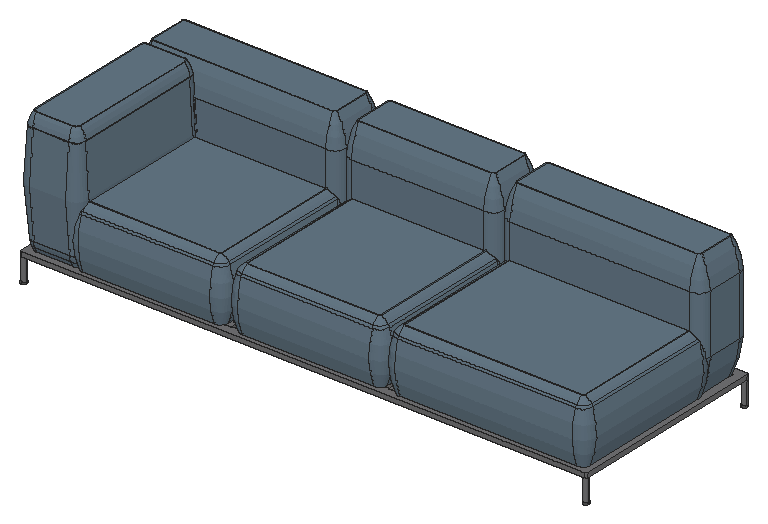
Revit family "Haworth_Mex-Hi_Sofa_OneArm", category Furniture, Revit 2018
Family settings
  OmniClass Number = 23.40.70.14.64.21
  OmniClass Title = Systems Furniture
  Work Plane-Based = No
  Always vertical = Yes
  Cut with Voids When Loaded = No
  Shared = No
  Room Calculation Point = No
Parameters (values of type "Three Seat Sofa")
  Warranty = "http://www.haworth.com/resources/product-info/warranties"
  URL - Product = "https://www.haworth.com/na/en/products/lounge-sofas/ottomans/mex-hi-seating.html"
  URL = "https://www.haworth.com/na/en/about/brands/haworth-collection.html"
  Two Seats = no
  Trim Finish = Haworth _ Polymer _ Black
  Three Seats = not(Two Seats)  # yes
  Sustainability Info = "https://www.haworth.com/na/en/expertise/sustainability.html"
  Size = "Verify Final Dim. w/ Haworth"  # constant formula
  Seat Upholstery Finish [instance] = Haworth _ Leather _ Scozia _ Oceano ES-342
  Revision Number = "1"  # constant formula
  Model = "HCCSMHL"  # constant formula
  Manufacturer = "Haworth"  # constant formula
  Description = "Haworth - Cassina - Mex-Hi - Sofa - With One Arm - Three Seat"
  Base Finish [instance] = Haworth _ Paint _ Matte Anthracite 69-ANT
  Back Upholstery Finish [instance] = Haworth _ Leather _ Scozia _ Oceano ES-342
  Author = "Haworth (Abd Rahman)"  # constant formula
  Assembly Code = "E2020200"
  Arm Finish [instance] = Haworth _ Leather _ Scozia _ Oceano ES-342
  Actual Width = if(Two Seats, 70.90", 98.40")  # 98.40"
  Actual Height = 28.30"  # constant formula
  Actual Depth = 35.50"  # constant formula
Reference planes (in)
  plane 1: z = 0
  plane 2 "Center L/R": x = -6.11989
  plane 3 "Center F/B": y = -11.5
  plane 4 "Top": z = 28.3
  plane 5 "Back": y = 6.25
  plane 6 "Front": y = -29.25
  plane 7 "Right": x = 43.08011
  plane 8 "Left": x = -55.31989
  plane 9: x = -19.79989
  plane 10: x = 7.56011
  plane 11: z = 4.88189
Dimensions and locks (in)
  equal spacing: plane 8 "Left", plane 2 "Center L/R", plane 7 "Right"
  "Actual Width": plane 8 "Left" to plane 7 "Right"
  equal spacing: plane 5 "Back", plane 3 "Center F/B", plane 6 "Front"
  "Actual Depth": plane 5 "Back" to plane 6 "Front"
  "Actual Height": plane 4 "Top" to plane 1
  locked: plane 10 to plane 7 "Right" at 35.52
  locked: plane 8 "Left" to plane 9 at 35.52
  aligned and locked: nested 1 to plane 5 "Back"
  aligned and locked: plane 2 "Center L/R" to nested 3
  aligned and locked: plane 3 "Center F/B" to nested 3
  aligned and locked: plane 7 "Right" to nested 1
  aligned and locked: plane 8 "Left" to nested 2
  aligned and locked: nested 7 to plane 2 "Center L/R"
  aligned and locked: nested 7 to plane 5 "Back"
  aligned and locked: plane 8 "Left" to nested 8
  aligned and locked: plane 6 "Front" to nested 8
  aligned and locked: plane 9 to nested 4
  aligned and locked: plane 7 "Right" to nested 6
  aligned and locked: nested 3 to plane 11
  aligned and locked: nested 2 to plane 11
  aligned and locked: plane 11 to nested 7
  aligned and locked: plane 11 to nested 1
  aligned and locked: plane 11 to nested 4
  aligned and locked: plane 11 to nested 8
  aligned and locked: plane 11 to nested 5
  aligned and locked: plane 11 to nested 6
Nested families (in)
  nested 1: "Haworth_Mex-Hi_Sofa_Back-Wide-PART" at (31.83887, 9.90612, -0.04956), Back Upholstery Finish <- "Back Upholstery Finish", type "Back Wide - PART - Small"
    with Back Upholstery Finish Haworth _ Leather _ Scozia _ Oceano ES-342, Extra Small no
  nested 2: "Haworth_Mex-Hi_Sofa_Back-Wide-PART" at (-44.07865, 9.90612, -0.04956) x (-1, 0, 0) z (0, 0, 1), Back Upholstery Finish <- "Back Upholstery Finish", type "Back Wide - PART - Small"
    with Back Upholstery Finish Haworth _ Leather _ Scozia _ Oceano ES-342, Extra Small no
  nested 3: "Haworth_Mex-Hi_Sofa_Base-PART" at (0, 0, 0), Base Finish <- "Base Finish", type "Base - PART"
    with Base Finish Haworth _ Paint _ Matte Anthracite 69-ANT
  nested 4: "Haworth_Mex-Hi_Sofa_Seat-Wide-PART" at (-27.36128, -3.81836, 0), Seat Upholstery Finish <- "Seat Upholstery Finish", type "Seat Wide - PART - L/R"
    with Seat Upholstery Finish Haworth _ Leather _ Scozia _ Oceano ES-342, Peninsula Seat no, Middle Small Seat no, Middle Large Seat no, L/R Seat yes
  nested 5: "Haworth_Mex-Hi_Sofa_Seat-Wide-PART" at (0.1805, -3.81836, 0), visible <- "Three Seats", Seat Upholstery Finish <- "Seat Upholstery Finish", type "Seat Wide - PART - L/R"
    with Seat Upholstery Finish Haworth _ Leather _ Scozia _ Oceano ES-342, Peninsula Seat no, Middle Small Seat no, Middle Large Seat no, L/R Seat yes
  nested 6: "Haworth_Mex-Hi_Sofa_Seat-Wide-PART" at (31.35039, -3.81836, 0), Seat Upholstery Finish <- "Seat Upholstery Finish", type "Seat Wide - PART - Small"
    with Seat Upholstery Finish Haworth _ Leather _ Scozia _ Oceano ES-342, Peninsula Seat no, Middle Large Seat no
  nested 7: "Haworth_Mex-Hi_Sofa_Back-Wide-PART" at (0.35387, 9.90612, -0.04956), visible <- "Three Seats", Back Upholstery Finish <- "Back Upholstery Finish", type "Back Wide - PART - Extra Small"
    with Back Upholstery Finish Haworth _ Leather _ Scozia _ Oceano ES-342, Small no
  nested 8: "Haworth_Mex-Hi_Sofa_Arm-Wide-PART" at (-43.15296, -6.3526, -0.04956), Arm Finish <- "Arm Finish", type "Arm Wide - PART"
    with Arm Finish Haworth _ Leather _ Scozia _ Oceano ES-342
Definition of nested family "Haworth_Mex-Hi_Sofa_Back-Wide-PART"
  Parameters (values of type "Back Wide - PART - Small")
    Warranty = "http://www.haworth.com/resources/product-info/warranties"
    URL - Product = "https://www.haworth.com/na/en/products/lounge-sofas/ottomans/mex-hi-seating.html"
    URL = "https://www.haworth.com/na/en/about/brands/haworth-collection.html"
    Sustainability Info = "https://www.haworth.com/na/en/expertise/sustainability.html"
    Small = yes
    Size = "Verify Final Dim. w/ Haworth"  # constant formula
    Seat Height = 17.00"  # constant formula
    Revision Number = "1"  # constant formula
    Model = "Haworth - Cassina - Mex-Hi"  # constant formula
    Manufacturer = "Haworth"  # constant formula
    Large = no
    Extra Small = yes
    Description = "Haworth - Cassina - Mex-Hi - Back - Wide - PART"  # constant formula
    Back Upholstery Finish [instance] = none
    Author = "Haworth (Abd Rahman)"  # constant formula
    Assembly Code = "E2020200"
    Actual Width = 35.43"  # constant formula
    Actual Height = 27.39844"  # constant formula
    Actual Depth = 10.60"  # constant formula
  Types (2): name | Small | Large
    Back Wide - PART - Small | yes | no
    Back Wide - PART - Large | no | yes
  Reference planes (in)
    plane 1: z = 0
    plane 2 "Top": z = 27.39844
    plane 3: z = 17
    plane 4 "Right": x = 11.24124
    plane 5 "Left": x = -24.18876
    plane 6 "Center (Left/Right)": x = -6.47376
    plane 7 "Back": y = -3.65612
    plane 8 "Front": y = -14.25612
    plane 9 "Center (Front/Back)": y = -8.95612
    plane 10: x = -20.15376
    plane 11: x = 7.20624
  Forms (in)
    Extrusion 1, solid, material <- "Back Upholstery Finish", visible <- "Small"
      sketch origin (0, 0.1875, 0) x (1, 0, 0) y (0, 1, 0)
        loop
          line (-22.40055, -6.01823) -> (-22.40055, -12.26715)
          arc (-22.40055, -12.26715) -> (-22.28726, -12.54067) -> (-22.01374, -12.65397) r 0.38681
          line (-22.01374, -12.65397) -> (9.07786, -12.65397)
          arc (9.07786, -12.65397) -> (9.35138, -12.54067) -> (9.46468, -12.26715) r 0.38681
          line (9.46468, -12.26715) -> (9.46468, -6.01823)
          arc (9.46468, -6.01823) -> (9.35138, -5.74471) -> (9.07786, -5.63141) r 0.38681
          line (9.07786, -5.63141) -> (-22.01374, -5.63141)
          arc (-22.01374, -5.63141) -> (-22.28726, -5.74471) -> (-22.40055, -6.01823) r 0.38681
      from 4.93145 to 26.69365
    Sweep 2, solid, material <- "Back Upholstery Finish", visible <- "Small"
      path origin (0, 0.1875, 0) x (1, 0, 0) y (0, 1, 0)
        loop
          arc (-22.01374, -5.51823) -> (-22.36729, -5.66467) -> (-22.51374, -6.01823) r 0.5
          line (-22.51374, -6.01823) -> (-22.51374, -12.26715)
          arc (-22.51374, -12.26715) -> (-22.36729, -12.62071) -> (-22.01374, -12.76715) r 0.5
          line (-22.01374, -12.76715) -> (9.07786, -12.76715)
          arc (9.07786, -12.76715) -> (9.43142, -12.62071) -> (9.57786, -12.26715) r 0.5
          line (9.57786, -12.26715) -> (9.57786, -6.01823)
          arc (9.57786, -6.01823) -> (9.43142, -5.66467) -> (9.07786, -5.51823) r 0.5
          line (9.07786, -5.51823) -> (-22.01374, -5.51823)
      profile origin (-6.46794, -5.33073, 0) x (0, 1, 0) y (0, 0, 1)
        loop
          arc (1.49021, 21.44568) -> (0.98441, 24.16007) -> (-0.11319, 26.69365) r 12.32019
          line (-0.11319, 26.69365) -> (-0.11319, 4.93145)
          arc (-0.11319, 4.93145) -> (0.96903, 7.99176) -> (1.49021, 11.19568) r 18.19442
          arc (1.49021, 11.19568) -> (1.67463, 16.32068) -> (1.49021, 21.44568) r 71.30597
    Sweep 3, solid, material <- "Back Upholstery Finish", visible <- "Large"
      path origin (0, 0.1875, 0) x (1, 0, 0) y (0, 1, 0)
        loop
          arc (-29.78736, -5.63141) -> (-30.14092, -5.77786) -> (-30.28736, -6.13141) r 0.5
          line (-30.28736, -6.13141) -> (-30.28736, -12.15397)
          arc (-30.28736, -12.15397) -> (-30.14092, -12.50752) -> (-29.78736, -12.65397) r 0.5
          line (-29.78736, -12.65397) -> (8.96468, -12.65397)
          arc (8.96468, -12.65397) -> (9.31823, -12.50752) -> (9.46468, -12.15397) r 0.5
          line (9.46468, -12.15397) -> (9.46468, -6.13141)
          arc (9.46468, -6.13141) -> (9.31823, -5.77786) -> (8.96468, -5.63141) r 0.5
          line (8.96468, -5.63141) -> (-29.78736, -5.63141)
      profile origin (-10.41134, -5.44391, 0) x (0, 1, 0) y (0, 0, 1)
        loop
          arc (1.49021, 21.44568) -> (0.98441, 24.16007) -> (-0.11319, 26.69365) r 12.32019
          line (-0.11319, 26.69365) -> (-0.11319, 4.93145)
          arc (-0.11319, 4.93145) -> (0.96903, 7.99176) -> (1.49021, 11.19568) r 18.19442
          arc (1.49021, 11.19568) -> (1.67463, 16.32068) -> (1.49021, 21.44568) r 71.30597
    Extrusion 4, solid, material <- "Back Upholstery Finish", visible <- "Large"
      sketch origin (0, 0.1875, 0) x (1, 0, 0) y (0, 1, 0)
        loop
          line (-30.17418, -6.13141) -> (-30.17418, -12.15397)
          arc (-30.17418, -12.15397) -> (-30.06088, -12.42749) -> (-29.78736, -12.54078) r 0.38681
          line (-29.78736, -12.54078) -> (8.96468, -12.54078)
          arc (8.96468, -12.54078) -> (9.2382, -12.42749) -> (9.35149, -12.15397) r 0.38681
          line (9.35149, -12.15397) -> (9.35149, -6.13141)
          arc (9.35149, -6.13141) -> (9.2382, -5.85789) -> (8.96468, -5.7446) r 0.38681
          line (8.96468, -5.7446) -> (-29.78736, -5.7446)
          arc (-29.78736, -5.7446) -> (-30.06088, -5.85789) -> (-30.17418, -6.13141) r 0.38681
      from 4.93145 to 26.69365
    Sweep 5, solid, material <- "Back Upholstery Finish", visible <- "Extra Small"
      path origin (0, 0.1875, 0) x (1, 0, 0) y (0, 1, 0)
        loop
          arc (-17.90376, -5.51823) -> (-18.25731, -5.66467) -> (-18.40376, -6.01823) r 0.5
          line (-18.40376, -6.01823) -> (-18.40376, -12.26715)
          arc (-18.40376, -12.26715) -> (-18.25731, -12.62071) -> (-17.90376, -12.76715) r 0.5
          line (-17.90376, -12.76715) -> (4.95624, -12.76715)
          arc (4.95624, -12.76715) -> (5.30979, -12.62071) -> (5.45624, -12.26715) r 0.5
          line (5.45624, -12.26715) -> (5.45624, -6.01823)
          arc (5.45624, -6.01823) -> (5.30979, -5.66467) -> (4.95624, -5.51823) r 0.5
          line (4.95624, -5.51823) -> (-17.90376, -5.51823)
      profile origin (-6.47376, -5.33073, 0) x (0, 1, 0) y (0, 0, 1)
        loop
          arc (1.49021, 21.44568) -> (0.98441, 24.16007) -> (-0.11319, 26.69365) r 12.32019
          line (-0.11319, 26.69365) -> (-0.11319, 4.93145)
          arc (-0.11319, 4.93145) -> (0.96903, 7.99176) -> (1.49021, 11.19568) r 18.19442
          arc (1.49021, 11.19568) -> (1.67463, 16.32068) -> (1.49021, 21.44568) r 71.30597
    Extrusion 6, solid, material <- "Back Upholstery Finish", visible <- "Extra Small"
      sketch origin (0, 0.1875, 0) x (1, 0, 0) y (0, 1, 0)
        loop
          line (-18.29057, -6.01823) -> (-18.29057, -12.26715)
          arc (-18.29057, -12.26715) -> (-18.17728, -12.54067) -> (-17.90376, -12.65397) r 0.38681
          line (-17.90376, -12.65397) -> (4.95624, -12.65397)
          arc (4.95624, -12.65397) -> (5.22976, -12.54067) -> (5.34306, -12.26715) r 0.38681
          line (5.34306, -12.26715) -> (5.34306, -6.01823)
          arc (5.34306, -6.01823) -> (5.22976, -5.74471) -> (4.95624, -5.63141) r 0.38681
          line (4.95624, -5.63141) -> (-17.90376, -5.63141)
          arc (-17.90376, -5.63141) -> (-18.17728, -5.74471) -> (-18.29057, -6.01823) r 0.38681
      from 4.93145 to 26.69365
  Lines and regions (in)
    Masking region 1, visible <- "Large"
      outline origin (0, 0, 0) x (1, 0, 0) y (0, 1, 0)
        loop
          line (-31.95339, -5.80612) -> (-31.95339, -12.10612)
          arc (-31.95339, -12.10612) -> (-31.32367, -13.6264) -> (-29.80339, -14.25612) r 2.15
          line (-29.80339, -14.25612) -> (9.0884, -14.25612)
          arc (9.0884, -14.25612) -> (10.61069, -13.62556) -> (11.24124, -12.10328) r 2.15284
          line (11.24124, -12.10328) -> (11.24124, -5.80612)
          arc (11.24124, -5.80612) -> (10.61152, -4.28584) -> (9.09124, -3.65612) r 2.15
          line (9.09124, -3.65612) -> (-29.80339, -3.65612)
          arc (-29.80339, -3.65612) -> (-31.32367, -4.28584) -> (-31.95339, -5.80612) r 2.15
    Masking region 2, visible <- "Small"
      outline origin (0, 0, 0) x (1, 0, 0) y (0, 1, 0)
        loop
          line (-24.18876, -5.80612) -> (-24.18876, -12.10612)
          arc (-24.18876, -12.10612) -> (-23.55904, -13.6264) -> (-22.03876, -14.25612) r 2.15
          line (-22.03876, -14.25612) -> (9.0884, -14.25612)
          arc (9.0884, -14.25612) -> (10.61069, -13.62556) -> (11.24124, -12.10328) r 2.15284
          line (11.24124, -12.10328) -> (11.24124, -5.80612)
          arc (11.24124, -5.80612) -> (10.61152, -4.28584) -> (9.09124, -3.65612) r 2.15
          line (9.09124, -3.65612) -> (-22.03876, -3.65612)
          arc (-22.03876, -3.65612) -> (-23.55904, -4.28584) -> (-24.18876, -5.80612) r 2.15
    Masking region 3, visible <- "Extra Small"
      outline origin (0, 0, 0) x (1, 0, 0) y (0, 1, 0)
        loop
          line (-20.15376, -5.80612) -> (-20.15376, -12.10612)
          arc (-20.15376, -12.10612) -> (-19.52404, -13.6264) -> (-18.00376, -14.25612) r 2.15
          line (-18.00376, -14.25612) -> (5.0534, -14.25612)
          arc (5.0534, -14.25612) -> (6.57569, -13.62556) -> (7.20624, -12.10328) r 2.15284
          line (7.20624, -12.10328) -> (7.20624, -5.80612)
          arc (7.20624, -5.80612) -> (6.57652, -4.28584) -> (5.05624, -3.65612) r 2.15
          line (5.05624, -3.65612) -> (-18.00376, -3.65612)
          arc (-18.00376, -3.65612) -> (-19.52404, -4.28584) -> (-20.15376, -5.80612) r 2.15
  Dimensions and locks (in)
    "Actual Height": plane 2 "Top" to plane 1
    "Seat Height": plane 3 to level
    equal spacing: plane 5 "Left", plane 6 "Center (Left/Right)", plane 4 "Right"
    "Actual Width": plane 5 "Left" to plane 4 "Right"
    equal spacing: plane 8 "Front", plane 9 "Center (Front/Back)", plane 7 "Back"
    "Actual Depth": plane 8 "Front" to plane 7 "Back"
    Masking region 3 sketch curve to plane 6 "Center (Left/Right)" to Masking region 3 sketch curve = 13.68", 13.68"
  Automatic sketch dimensions
    Extrusion 1 sketch curve to plane 5 "Left" = 1.78821"
    Extrusion 1 sketch curve to Extrusion 1 sketch curve = 0.38681"  (x3)
    Extrusion 1 sketch curve to plane 4 "Right" = 2.16338"  (x2)
    plane 8 "Front" to Extrusion 1 sketch curve = 1.78965"
    plane 7 "Back" to Extrusion 1 sketch curve = 2.17461"
    Sweep 2 sketch curve to plane 5 "Left" = 1.67502"
    Sweep 2 sketch curve to Sweep 2 sketch curve = 0.50"  (x3)
    Sweep 2 sketch curve to plane 4 "Right" = 2.16338"  (x2)
    plane 8 "Front" to Sweep 2 sketch curve = 1.67646"
    plane 7 "Back" to Sweep 2 sketch curve = 2.17461"
    level to Sweep 2 sketch curve = 16.32068"
    profile plane to Sweep 2 sketch curve = 69.63135"
    profile plane to Sweep 2 sketch curve = 16.65715"
    Sweep 2 sketch curve to Sweep 2 sketch curve = 5.85904"
    profile plane to Sweep 2 sketch curve = 0.11319"
    level to Sweep 2 sketch curve = 12.50337"
    level to Sweep 2 sketch curve = 4.93145"
    Sweep 2 sketch curve to Sweep 2 sketch curve = 8.05681"
    Sweep 2 sketch curve to Sweep 2 sketch curve = 6.13346"
    Sweep 2 sketch curve to Sweep 2 sketch curve = 0.00"
    Masking region 1 sketch curve to plane 8 "Front" = 0.00"
    plane 7 "Back" to Masking region 1 sketch curve = 0.00"
    Masking region 1 sketch curve to plane 4 "Right" = 0.00"
    Masking region 1 sketch curve to plane 4 "Right" = 2.15"
    Masking region 1 sketch curve to Masking region 1 sketch curve = 2.15284"
    plane 7 "Back" to Masking region 1 sketch curve = 2.15"
    plane 5 "Left" to Masking region 1 sketch curve = 5.61464"
    Masking region 1 sketch curve to Masking region 1 sketch curve = 2.15"
    plane 8 "Front" to Sweep 3 sketch curve = 2.28965"
    plane 5 "Left" to Sweep 3 sketch curve = 6.09861"
    Sweep 3 sketch curve to Sweep 3 sketch curve = 0.50"  (x3)
    Sweep 3 sketch curve to plane 4 "Right" = 2.27656"  (x2)
    plane 7 "Back" to Sweep 3 sketch curve = 2.2878"
    level to Sweep 3 sketch curve = 16.32068"
    profile plane to Sweep 3 sketch curve = 69.63135"
    profile plane to Sweep 3 sketch curve = 16.65715"
    Sweep 3 sketch curve to Sweep 3 sketch curve = 5.85904"
    profile plane to Sweep 3 sketch curve = 0.11319"
    level to Sweep 3 sketch curve = 12.50337"
    level to Sweep 3 sketch curve = 4.93145"
    Sweep 3 sketch curve to Sweep 3 sketch curve = 8.05681"
    Sweep 3 sketch curve to Sweep 3 sketch curve = 6.13346"
    Sweep 3 sketch curve to Sweep 3 sketch curve = 0.00"
    plane 7 "Back" to Extrusion 4 sketch curve = 2.2878"
    plane 5 "Left" to Extrusion 4 sketch curve = 5.98542"
    Extrusion 4 sketch curve to Extrusion 4 sketch curve = 0.38681"  (x3)
    Extrusion 4 sketch curve to plane 4 "Right" = 2.27656"  (x2)
    plane 8 "Front" to Extrusion 4 sketch curve = 2.28965"
    Masking region 2 sketch curve to plane 5 "Left" = 0.00"
    Masking region 2 sketch curve to plane 8 "Front" = 0.00"
    plane 7 "Back" to Masking region 2 sketch curve = 0.00"
    Masking region 2 sketch curve to plane 4 "Right" = 0.00"
    Masking region 2 sketch curve to plane 5 "Left" = 2.15"  (x2)
    Masking region 2 sketch curve to plane 4 "Right" = 2.15284"
    Masking region 2 sketch curve to Masking region 2 sketch curve = 2.15"
    Masking region 3 sketch curve to plane 8 "Front" = 0.00"
    plane 7 "Back" to Masking region 3 sketch curve = 0.00"
    plane 8 "Front" to Masking region 3 sketch curve = 2.15"
    Masking region 3 sketch curve to Masking region 3 sketch curve = 2.15"
    Masking region 3 sketch curve to Masking region 3 sketch curve = 2.15284"
    plane 7 "Back" to Masking region 3 sketch curve = 2.15"
    plane 8 "Front" to Sweep 5 sketch curve = 2.17646"  (x2)
    Sweep 5 sketch curve to plane 5 "Left" = 5.785"
    Sweep 5 sketch curve to Sweep 5 sketch curve = 0.50"  (x3)
    Sweep 5 sketch curve to plane 4 "Right" = 6.285"
    plane 7 "Back" to Sweep 5 sketch curve = 2.17461"
    level to Sweep 5 sketch curve = 16.32068"
    profile plane to Sweep 5 sketch curve = 69.63135"
    profile plane to Sweep 5 sketch curve = 16.65715"
    Sweep 5 sketch curve to Sweep 5 sketch curve = 5.85904"
    profile plane to Sweep 5 sketch curve = 0.11319"
    level to Sweep 5 sketch curve = 12.50337"
    level to Sweep 5 sketch curve = 4.93145"
    Sweep 5 sketch curve to Sweep 5 sketch curve = 8.05681"
    Sweep 5 sketch curve to Sweep 5 sketch curve = 6.13346"
    Sweep 5 sketch curve to Sweep 5 sketch curve = 0.00"
    Extrusion 6 sketch curve to plane 5 "Left" = 5.89819"
    Extrusion 6 sketch curve to Extrusion 6 sketch curve = 0.38681"  (x3)
    Extrusion 6 sketch curve to plane 4 "Right" = 6.285"  (x2)
    plane 8 "Front" to Extrusion 6 sketch curve = 1.78965"
    plane 7 "Back" to Extrusion 6 sketch curve = 2.17461"
Definition of nested family "Haworth_Mex-Hi_Sofa_Base-PART"
  Parameters (values of type "Base - PART")
    Warranty = "http://www.haworth.com/resources/product-info/warranties"
    URL - Product = "https://www.haworth.com/na/en/products/lounge-sofas/ottomans/mex-hi-seating.html"
    URL = "https://www.haworth.com/na/en/about/brands/haworth-collection.html"
    Two Seats = no
    Trim Finish = none
    Three Seats = yes
    Sustainability Info = "https://www.haworth.com/na/en/expertise/sustainability.html"
    Size = "Verify Final Dim. w/ Haworth"  # constant formula
    Revision Number = "1"  # constant formula
    Model = "Haworth - Cassina - Mex-Hi"  # constant formula
    Manufacturer = "Haworth"  # constant formula
    Description = "Haworth - Cassina - Mex-Hi - Sofa - Base - PART"  # constant formula
    Base Finish [instance] = none
    Author = "Haworth (Abd Rahman)"  # constant formula
    Assembly Code = "E2020200"
    Actual Width = 98.40"
    Actual Height = 28.30"  # constant formula
    Actual Depth = 35.50"
  Reference planes (in)
    plane 1: z = 0
    plane 2 "Center L/R": x = -6.11989
    plane 3 "Center F/B": y = -11.5
    plane 4 "Top": z = 28.3
    plane 5 "Back": y = 6.25
    plane 6 "Front": y = -29.25
    plane 7 "Right": x = 43.08011
    plane 8 "Left": x = -55.31989
    plane 9: x = 8.61121
    plane 10: x = 7.43011
    plane 11: x = -19.66989
    plane 12: x = -20.851
    plane 13: y = 4.4803
    plane 14: y = 3.20078
    plane 15: y = 2.01967
    plane 16: y = -4.67324
    plane 17: y = -5.85434
    plane 18: y = -24.9511
    plane 19: y = -26.1322
    plane 20: y = -27.40946
    plane 21: y = 6.04866
    plane 22: y = -28.9838
    plane 23: x = -53.5182
    plane 24: x = 41.33743
    plane 25: x = 42.90823
    plane 26: x = -55.09253
    plane 27: x = 8.0169
    plane 28: x = -20.26044
    plane 29: y = -17.07481
    plane 30: y = -5.26247
    plane 31: x = -6.6827
    plane 32: x = -5.5016
  Forms (in)
    Extrusion 1, solid, material <- "Base Finish"
      sketch origin (-0.25, 0.4375, 0) x (1, 0, 0) y (0, 1, 0)
        loop
          line (42.78209, 5.61116) -> (-54.46639, 5.61116)
          arc (-54.46639, 5.61116) -> (-54.73236, 5.50099) -> (-54.84253, 5.23502) r 0.37614
          line (-54.84253, 5.23502) -> (-54.84253, -29.03536)
          arc (-54.84253, -29.03536) -> (-54.72949, -29.30826) -> (-54.4566, -29.4213) r 0.38594
          line (-54.4566, -29.4213) -> (42.87505, -29.4213)
          arc (42.87505, -29.4213) -> (43.07529, -29.33835) -> (43.15823, -29.13811) r 0.28319
          line (43.15823, -29.13811) -> (43.15823, 5.23502)
          arc (43.15823, 5.23502) -> (43.04806, 5.50099) -> (42.78209, 5.61116) r 0.37614
        loop
          line (41.58743, -5.11074) -> (41.58743, 1.58217) -> (-53.2682, 1.58217) -> (-53.2682, -5.11074) -> (41.58743, -5.11074)
        loop
          line (-53.2682, 2.76328) -> (41.58743, 2.76328) -> (41.58743, 4.0428) -> (-53.2682, 4.0428) -> (-53.2682, 2.76328)
        loop
          line (41.58743, -6.29184) -> (-53.2682, -6.29184) -> (-53.2682, -25.3886) -> (41.58743, -25.3886) -> (41.58743, -6.29184)
        loop
          line (41.58743, -26.5697) -> (-53.2682, -26.5697) -> (-53.2682, -27.84696) -> (41.58743, -27.84696) -> (41.58743, -26.5697)
      from 4.08098 to 4.88189
    Extrusion 2, solid, material <- "Base Finish"
      sketch origin (-0.25, 0.4375, 0) x (1, 0, 0) y (0, 1, 0)
        loop
          circle (-54.44883, 5.22344) r 0.41206
        loop
          circle (42.77054, -29.02659) r 0.41206
        loop
          circle (42.77363, 5.22313) r 0.41206
        loop
          circle (-54.44602, -29.0239) r 0.41206
      from 0 to 4.08098
    Extrusion 3, solid, material <- "Trim Finish"
      sketch origin (-0.25, 0.4375, 0) x (1, 0, 0) y (0, 1, 0)
        loop
          circle (-54.44883, 5.22344) r 0.49213
        loop
          circle (-54.44883, -29.02999) r 0.49213
        loop
          circle (42.77154, 5.22344) r 0.49213
        loop
          circle (42.76782, -29.02818) r 0.49213
      from 0 to 0.23622
    Extrusion 4, solid, material <- "Base Finish", visible <- "Two Seats"
      sketch origin (0, 0, 0) x (1, 0, 0) y (0, 1, 0)
        loop
          line (-5.5016, -27.40946) -> (-5.5016, 6.04866) -> (-6.6827, 6.04866) -> (-6.6827, -27.40946) -> (-5.5016, -27.40946)
      from 4.08098 to 4.88189
    Extrusion 5, solid, material <- "Base Finish", visible <- "Three Seats"
      sketch origin (-17.68716, 0, 0) x (1, 0, 0) y (0, 1, 0)
        loop
          line (-1.98273, -27.40946) -> (-1.98273, 6.04866) -> (-3.16383, 6.04866) -> (-3.16383, -27.40946) -> (-1.98273, -27.40946)
      from 4.08098 to 4.88189
    Extrusion 6, solid, material <- "Base Finish", visible <- "Three Seats"
      sketch origin (17.7459, 0, 0) x (1, 0, 0) y (0, 1, 0)
        loop
          line (-9.1347, -27.40946) -> (-9.1347, 6.04866) -> (-10.3158, 6.04866) -> (-10.3158, -27.40946) -> (-9.1347, -27.40946)
      from 4.08098 to 4.88189
    Extrusion 7, solid, material <- "Trim Finish", visible <- "Two Seats"
      sketch origin (0, 0, 0) x (1, 0, 0) y (0, 1, 0)
        loop
          circle (-6.11989, -17.07481) r 0.49213
        loop
          circle (-6.11989, -5.26247) r 0.49213
      from 0 to 0.23622
    Extrusion 8, solid, material <- "Trim Finish", visible <- "Two Seats"
      sketch origin (0, 0, 0) x (1, 0, 0) y (0, 1, 0)
        loop
          circle (-6.11989, -17.07481) r 0.41206
        loop
          circle (-6.11989, -5.26247) r 0.41206
      from 0 to 4.08098
    Extrusion 9, solid, material <- "Trim Finish", visible <- "Three Seats"
      sketch origin (0, 0, 0) x (1, 0, 0) y (0, 1, 0)
        loop
          circle (-20.26044, -17.07481) r 0.41206
        loop
          circle (-20.26044, -5.26247) r 0.41206
        loop
          circle (8.0169, -5.26247) r 0.41206
        loop
          circle (8.0169, -17.07481) r 0.41206
      from 0 to 4.08098
    Extrusion 10, solid, material <- "Trim Finish", visible <- "Three Seats"
      sketch origin (0, 0, 0) x (1, 0, 0) y (0, 1, 0)
        loop
          circle (-20.26044, -17.07481) r 0.49213
        loop
          circle (-20.26044, -5.26247) r 0.49213
        loop
          circle (8.0169, -5.26247) r 0.49213
        loop
          circle (8.0169, -17.07481) r 0.49213
      from 0 to 0.23622
  Lines and regions (in)
    symbolic lines
      curve 1: line (-55.09253, 6.04866, 0) -> (42.90823, 6.04866, 0)
      curve 2: line (-55.09253, -28.9838, 0) -> (-55.09253, 6.04866, 0)
      curve 3: line (42.90823, -28.9838, 0) -> (-55.09253, -28.9838, 0)
      curve 4: line (42.90823, 6.04866, 0) -> (42.90823, -28.9838, 0)
      curve 5: line (-53.5182, -27.40946, 0) -> (-20.851, -27.40946, 0)
      curve 6: line (-53.5182, -26.1322, 0) -> (-53.5182, -27.40946, 0)
      curve 7: line (-20.851, -26.1322, 0) -> (-53.5182, -26.1322, 0)
      curve 8: line (-20.851, -27.40946, 0) -> (-20.851, -26.1322, 0)
      curve 9: line (7.43011, -27.40946, 0) -> (-19.66989, -27.40946, 0)
      curve 10: line (7.43011, -26.1322, 0) -> (7.43011, -27.40946, 0)
      curve 11: line (-19.66989, -26.1322, 0) -> (7.43011, -26.1322, 0)
      curve 12: line (-19.66989, -27.40946, 0) -> (-19.66989, -26.1322, 0)
      curve 13: line (8.61121, -26.1322, 0) -> (41.33743, -26.1322, 0)
      curve 14: line (8.61121, -27.40946, 0) -> (8.61121, -26.1322, 0)
      curve 15: line (41.33743, -27.40946, 0) -> (8.61121, -27.40946, 0)
      curve 16: line (41.33743, -26.1322, 0) -> (41.33743, -27.40946, 0)
      curve 17: line (41.33743, -24.9511, 0) -> (8.61121, -24.9511, 0)
      curve 18: line (41.33743, -5.85434, 0) -> (41.33743, -24.9511, 0)
      curve 19: line (8.61121, -5.85434, 0) -> (41.33743, -5.85434, 0)
      curve 20: line (8.61121, -24.9511, 0) -> (8.61121, -5.85434, 0)
      curve 21: line (41.33743, -4.67324, 0) -> (8.61121, -4.67324, 0)
      curve 22: line (41.33743, 2.01967, 0) -> (41.33743, -4.67324, 0)
      curve 23: line (8.61121, 2.01967, 0) -> (41.33743, 2.01967, 0)
      curve 25: line (7.43011, 2.01967, 0) -> (-19.66989, 2.01967, 0)
      curve 27: line (-19.66989, -4.67324, 0) -> (7.43011, -4.67324, 0)
      curve 28: line (-19.66989, 2.01967, 0) -> (-19.66989, -4.67324, 0)
      curve 29: line (-19.66989, -5.85434, 0) -> (7.43011, -5.85434, 0)
      curve 30: line (-19.66989, -24.9511, 0) -> (-19.66989, -5.85434, 0)
      curve 31: line (7.43011, -24.9511, 0) -> (-19.66989, -24.9511, 0)
      curve 32: line (7.43011, -5.85434, 0) -> (7.43011, -24.9511, 0)
      curve 33: line (-20.851, -24.9511, 0) -> (-53.5182, -24.9511, 0)
      curve 35: line (-53.5182, -5.85434, 0) -> (-20.851, -5.85434, 0)
      curve 36: line (-53.5182, -24.9511, 0) -> (-53.5182, -5.85434, 0)
      curve 37: line (-53.5182, -4.67324, 0) -> (-20.851, -4.67324, 0)
      curve 38: line (-53.5182, 2.01967, 0) -> (-53.5182, -4.67324, 0)
      curve 39: line (-20.851, 2.01967, 0) -> (-53.5182, 2.01967, 0)
      curve 40: line (-20.851, -4.67324, 0) -> (-20.851, 2.01967, 0)
      curve 41: line (-53.5182, 4.4803, 0) -> (-20.851, 4.4803, 0)
      curve 42: line (-53.5182, 3.20078, 0) -> (-53.5182, 4.4803, 0)
      curve 43: line (-20.851, 3.20078, 0) -> (-53.5182, 3.20078, 0)
      curve 44: line (-20.851, 4.4803, 0) -> (-20.851, 3.20078, 0)
      curve 45: line (7.43011, 3.20078, 0) -> (-19.66989, 3.20078, 0)
      curve 46: line (7.43011, 4.4803, 0) -> (7.43011, 3.20078, 0)
      curve 47: line (-19.66989, 4.4803, 0) -> (7.43011, 4.4803, 0)
      curve 49: line (41.33743, 3.20078, 0) -> (8.61121, 3.20078, 0)
      curve 50: line (41.33743, 4.4803, 0) -> (41.33743, 3.20078, 0)
      curve 51: line (8.61121, 4.4803, 0) -> (41.33743, 4.4803, 0)
      curve 52: line (8.61121, 3.20078, 0) -> (8.61121, 4.4803, 0)
    symbolic lines, visible <- "Three Seats"
      curve 24: line (8.61121, -27.40946, 0) -> (8.61121, 4.4803, 0)
      curve 26: line (7.43011, -27.40946, 0) -> (7.43011, 4.4803, 0)
      curve 34: line (-20.851, 4.4803, 0) -> (-20.851, -27.40946, 0)
      curve 48: line (-19.66989, -27.40946, 0) -> (-19.66989, 4.4803, 0)
    symbolic lines, visible <- "Two Seats"
      curve 53: line (-6.6827, 6.04866, 0) -> (-5.5016, 6.04866, 0)
      curve 54: line (-6.6827, -27.40946, 0) -> (-6.6827, 6.04866, 0)
      curve 55: line (-5.5016, -27.40946, 0) -> (-6.6827, -27.40946, 0)
      curve 56: line (-5.5016, 6.04866, 0) -> (-5.5016, -27.40946, 0)
  Dimensions and locks (in)
    equal spacing: plane 8 "Left", plane 2 "Center L/R", plane 7 "Right"
    "Actual Width": plane 8 "Left" to plane 7 "Right"
    equal spacing: plane 5 "Back", plane 3 "Center F/B", plane 6 "Front"
    "Actual Depth": plane 5 "Back" to plane 6 "Front"
    "Actual Height": plane 4 "Top" to plane 1
    plane 18 to plane 19 to plane 20 to plane 22 to plane 6 "Front" = 1.1811" locked, 1.27726" locked, 1.57434" locked, 0.2662" locked
    plane 5 "Back" to plane 21 to plane 13 to plane 14 to plane 15 to plane 16 to plane 17 = 0.20134" locked, 1.56835" locked, 1.27953" locked, 1.1811" locked, 6.69291" locked, 1.1811" locked
    plane 30 to plane 3 "Center F/B" to plane 29 = 6.23753" locked, 5.57481" locked
    plane 31 to plane 2 "Center L/R" to plane 32 = 0.56281" locked, 0.61829" locked
    plane 10 to plane 27 to plane 9 = 0.58679" locked, 0.59431" locked
    plane 12 to plane 28 to plane 11 = 0.59055" locked, 0.59055" locked
    plane 24 to plane 25 to plane 7 "Right" = 1.5708" locked, 0.17188" locked
    plane 8 "Left" to plane 26 to plane 23 = 0.22736" locked, 1.57433" locked
    plane 9 to plane 24 = 32.72622"
    plane 23 to plane 12 = 32.6672"
    aligned and locked: Extrusion 1 to plane 13
    aligned and locked: plane 14 to Extrusion 1
    aligned and locked: Extrusion 1 to plane 15
    aligned and locked: plane 16 to Extrusion 1
    aligned and locked: Extrusion 1 to plane 17
    aligned and locked: plane 18 to Extrusion 1
    aligned and locked: Extrusion 1 to plane 19
    aligned and locked: Extrusion 1 to plane 20
    aligned and locked: plane 26 to Extrusion 1  (x2)
    aligned and locked: Extrusion 1 to plane 23  (x4)
    aligned and locked: Extrusion 1 to plane 25  (x2)
    aligned and locked: plane 24 to Extrusion 1  (x4)
    aligned and locked: curve 2 to plane 26
    aligned and locked: plane 21 to Extrusion 1
    aligned and locked: plane 14 to curve 43
    aligned and locked: plane 15 to curve 39
    aligned and locked: curve 37 to plane 16
    aligned and locked: curve 35 to plane 17
    aligned and locked: plane 18 to curve 33
    aligned and locked: plane 19 to curve 7
    aligned and locked: plane 20 to curve 5
    aligned and locked: plane 23 to curve 6
    aligned and locked: curve 36 to plane 23
    aligned and locked: plane 23 to curve 38
    aligned and locked: curve 42 to plane 23
    aligned and locked: plane 12 to curve 44
    aligned and locked: curve 40 to plane 12
    aligned and locked: curve 8 to plane 12
    aligned and locked: curve 12 to plane 11
    aligned and locked: curve 30 to plane 11
    aligned and locked: plane 11 to curve 28
    aligned and locked: plane 10 to curve 46
    aligned and locked: curve 26 to plane 10
    aligned and locked: plane 10 to curve 32
    aligned and locked: plane 10 to curve 10
    aligned and locked: curve 14 to plane 9
    aligned and locked: curve 20 to plane 9
    aligned and locked: curve 52 to plane 9
    aligned and locked: plane 24 to curve 50
    aligned and locked: plane 24 to curve 22
    aligned and locked: plane 24 to curve 18
    aligned and locked: plane 24 to curve 16
    aligned and locked: plane 25 to curve 4
    aligned and locked: Extrusion 1 to plane 22
    aligned and locked: curve 15 to plane 20
    aligned and locked: curve 13 to plane 19
    aligned and locked: plane 18 to curve 17
    aligned and locked: curve 19 to plane 17
    aligned and locked: plane 16 to curve 21
    aligned and locked: curve 23 to plane 15
    aligned and locked: plane 14 to curve 49
    aligned and locked: curve 51 to plane 13
    aligned and locked: curve 1 to plane 21
    aligned and locked: curve 47 to plane 13
    aligned and locked: plane 14 to curve 45
    aligned and locked: plane 15 to curve 25
    aligned and locked: curve 27 to plane 16
    aligned and locked: curve 29 to plane 17
    aligned and locked: plane 18 to curve 31
    aligned and locked: curve 11 to plane 19
    aligned and locked: curve 9 to plane 20
    aligned and locked: plane 22 to curve 3
    aligned and locked: plane 15 to nested 2
    aligned and locked: plane 15 to nested 3
    aligned and locked: plane 15 to nested 8
    aligned and locked: plane 15 to nested 9
    aligned and locked: plane 17 to nested 13
    aligned and locked: plane 17 to nested 10
    aligned and locked: plane 17 to nested 7
    aligned and locked: plane 17 to nested 4
    aligned and locked: plane 17 to nested 14
    aligned and locked: nested 1 to plane 18
    aligned and locked: nested 5 to plane 18
    aligned and locked: nested 6 to plane 18
    aligned and locked: nested 12 to plane 18
    aligned and locked: nested 11 to plane 18
    aligned and locked: nested 1 to Extrusion 1
    aligned and locked: Extrusion 1 to Extrusion 4  (x2)
    aligned and locked: Extrusion 4 to plane 32
    aligned and locked: plane 31 to Extrusion 4
    aligned and locked: plane 32 to Extrusion 4 sketch curve
    aligned and locked: Extrusion 4 sketch curve to plane 31
    aligned and locked: Extrusion 4 sketch curve to plane 21
    aligned and locked: Extrusion 4 sketch curve to plane 20
    aligned and locked: plane 9 to Extrusion 6 sketch curve
    aligned and locked: Extrusion 6 sketch curve to plane 10
    aligned and locked: Extrusion 6 sketch curve to plane 21
    aligned and locked: Extrusion 6 sketch curve to plane 20
    aligned and locked: plane 11 to Extrusion 5 sketch curve
    aligned and locked: Extrusion 5 sketch curve to plane 12
    aligned and locked: Extrusion 5 sketch curve to plane 21
    aligned and locked: Extrusion 5 sketch curve to plane 20
    aligned and locked: plane 29 to Extrusion 7 sketch curve
    aligned and locked: plane 2 "Center L/R" to Extrusion 7 sketch curve  (x2)
    aligned and locked: plane 30 to Extrusion 7 sketch curve
    aligned and locked: Extrusion 3 to Extrusion 7
    aligned and locked: plane 29 to Extrusion 8 sketch curve
    aligned and locked: plane 2 "Center L/R" to Extrusion 8 sketch curve  (x2)
    aligned and locked: plane 30 to Extrusion 8 sketch curve
    aligned and locked: Extrusion 8 to Extrusion 1
    aligned and locked: plane 29 to Extrusion 9 sketch curve  (x2)
    aligned and locked: plane 30 to Extrusion 9 sketch curve  (x2)
    aligned and locked: plane 28 to Extrusion 9 sketch curve  (x2)
    aligned and locked: plane 27 to Extrusion 9 sketch curve  (x2)
    aligned and locked: Extrusion 9 to Extrusion 1
    aligned and locked: plane 28 to Extrusion 10 sketch curve  (x2)
    aligned and locked: plane 27 to Extrusion 10 sketch curve  (x2)
    aligned and locked: plane 30 to Extrusion 10 sketch curve  (x2)
    aligned and locked: plane 29 to Extrusion 10 sketch curve  (x2)
    aligned and locked: Extrusion 10 to Extrusion 7
  Automatic sketch dimensions
    Extrusion 1 sketch curve to plane 26 = 0.00"
    Extrusion 1 sketch curve to plane 21 = 0.00"
    Extrusion 1 sketch curve to plane 22 = 0.00"
    plane 20 to Extrusion 1 sketch curve = 0.00"
    Extrusion 1 sketch curve to plane 23 = 0.00"  (x4)
    Extrusion 1 sketch curve to plane 18 = 0.00"
    Extrusion 1 sketch curve to plane 13 = 0.00"
    Extrusion 1 sketch curve to plane 16 = 0.00"
    Extrusion 1 sketch curve to plane 24 = 0.00"  (x4)
    Extrusion 1 sketch curve to plane 14 = 0.00"
    Extrusion 1 sketch curve to plane 15 = 0.00"
    Extrusion 1 sketch curve to plane 25 = 0.00"
    Extrusion 1 sketch curve to plane 19 = 0.00"
    Extrusion 1 sketch curve to plane 17 = 0.00"
    Extrusion 1 sketch curve to Extrusion 1 sketch curve = 0.37614"
    plane 22 to Extrusion 1 sketch curve = 0.38594"
    plane 25 to Extrusion 1 sketch curve = 0.37614"
    Extrusion 1 sketch curve to Extrusion 1 sketch curve = 0.28319"
    Extrusion 2 sketch curve to plane 26 = 0.39651"
    Extrusion 2 sketch curve to plane 26 = 0.3937"
    plane 25 to Extrusion 2 sketch curve = 0.38769"
    plane 25 to Extrusion 2 sketch curve = 0.3846"
    plane 22 to Extrusion 2 sketch curve = 0.39739"
    plane 22 to Extrusion 2 sketch curve = 0.39471"
    Extrusion 2 sketch curve to plane 21 = 0.38803"
    Extrusion 2 sketch curve to plane 21 = 0.38772"
    Extrusion 3 sketch curve to plane 26 = 0.3937"  (x2)
    plane 25 to Extrusion 3 sketch curve = 0.39041"
    plane 25 to Extrusion 3 sketch curve = 0.38669"
    plane 22 to Extrusion 3 sketch curve = 0.39311"
    plane 22 to Extrusion 3 sketch curve = 0.39131"
    Extrusion 3 sketch curve to plane 21 = 0.38772"  (x2)
    plane 20 to curve 55 = 0.00"
    curve 55 to plane 31 = 0.00"
    curve 55 to plane 32 = 0.00"
    curve 44 to plane 13 = 0.00"
    curve 53 to plane 21 = 0.00"
    radius of Extrusion 2 sketch curve = 0.41206"  (x4)
    radius of Extrusion 3 sketch curve = 0.49213"  (x4)
    radius of Extrusion 7 sketch curve = 0.49213"  (x2)
    radius of Extrusion 8 sketch curve = 0.41206"  (x2)
    radius of Extrusion 9 sketch curve = 0.41206"  (x4)
    radius of Extrusion 10 sketch curve = 0.49213"  (x4)
  Nested families (in)
    nested 1: "Haworth_Mex-Hi_Sofa_Knob-PART" at (-41.10041, -14.04791, 0.00098), visible <- "Three Seats", type "Knob - PART"
    nested 2: "Haworth_Mex-Hi_Sofa_Knob-PART" at (-21.10041, 13.65777, 0), type "Knob - PART"
    nested 3: "Haworth_Mex-Hi_Sofa_Knob-PART" at (-13.66357, 13.65777, 0), type "Knob - PART"
    nested 4: "Haworth_Mex-Hi_Sofa_Knob-PART" at (-13.66357, 5.78375, 0), type "Knob - PART"
    nested 5: "Haworth_Mex-Hi_Sofa_Knob-PART" at (-13.66357, -14.04791, 0), type "Knob - PART"
    nested 6: "Haworth_Mex-Hi_Sofa_Knob-PART" at (14.33643, -14.04791, 0), type "Knob - PART"
    nested 7: "Haworth_Mex-Hi_Sofa_Knob-PART" at (14.33643, 5.78375, 0), type "Knob - PART"
    nested 8: "Haworth_Mex-Hi_Sofa_Knob-PART" at (14.33643, 13.65777, 0), type "Knob - PART"
    nested 9: "Haworth_Mex-Hi_Sofa_Knob-PART" at (21.51753, 13.65777, 0), type "Knob - PART"
    nested 10: "Haworth_Mex-Hi_Sofa_Knob-PART" at (21.51753, 5.78375, 0), type "Knob - PART"
    nested 11: "Haworth_Mex-Hi_Sofa_Knob-PART" at (21.51753, -14.04791, 0), type "Knob - PART"
    nested 12: "Haworth_Mex-Hi_Sofa_Knob-PART" at (41.58464, -14.04791, 0), visible <- "Three Seats", type "Knob - PART"
    nested 13: "Haworth_Mex-Hi_Sofa_Knob-PART" at (41.58464, 5.78375, 0), visible <- "Three Seats", type "Knob - PART"
    nested 14: "Haworth_Mex-Hi_Sofa_Knob-PART" at (-41.10041, 5.78375, 0), visible <- "Three Seats", type "Knob - PART"
  Definition of nested family "Haworth_Mex-Hi_Sofa_Knob-PART"
    Parameters (values of type "Knob - PART")
      Warranty = "http://www.haworth.com/resources/product-info/warranties"
      URL - Product = "https://www.haworth.com/na/en/products/lounge-sofas/ottomans/mex-hi-seating.html"
      URL = "https://www.haworth.com/na/en/about/brands/haworth-collection.html"
      Trim Finish = none
      Sustainability Info = "https://www.haworth.com/na/en/expertise/sustainability.html"
      Size = "Verify Final Dim. w/ Haworth"  # constant formula
      Revision Number = "1"  # constant formula
      Model = "Haworth - Cassina - Mex-Hi"  # constant formula
      Manufacturer = "Haworth"  # constant formula
      Description = "Haworth - Cassina - Mex-Hi - Sofa - Knob - PART"  # constant formula
      Author = "Haworth (Abd Rahman)"  # constant formula
      Assembly Code = "E2020200"
      Actual Width = 1.67"  # constant formula
      Actual Height = 4.08"  # constant formula
      Actual Depth = 1.47"  # constant formula
    Reference planes (in)
      plane 1: z = 0
      plane 2 "Center L/R": x = -6.1322
      plane 3 "Top": z = 4.08
      plane 4: x = -5.2972
      plane 5: x = -6.9672
      plane 6: y = -10.90319
      plane 7: y = -12.373
      plane 8: y = -11.6381
    Forms (in)
      Extrusion 1, solid, material <- "Trim Finish"
        sketch origin (0, 0, 0) x (1, 0, 0) y (0, 1, 0)
          loop
            arc (-6.96571, -11.20052) -> (-6.96593, -11.22622) -> (-6.95004, -11.24643) r 0.03882
            arc (-6.95004, -11.24643) -> (-6.5066, -11.70956) -> (-6.32724, -12.32516) r 1.34831
            arc (-6.32724, -12.32516) -> (-6.31768, -12.34902) -> (-6.29531, -12.36168) r 0.03882
            arc (-6.29531, -12.36168) -> (-6.12907, -12.37648) -> (-5.96283, -12.36168) r 0.94089
            arc (-5.96283, -12.36168) -> (-5.93846, -12.34653) -> (-5.93115, -12.31878) r 0.03882
            arc (-5.93115, -12.31878) -> (-5.74775, -11.6992) -> (-5.2972, -11.23603) r 1.34873
            arc (-5.2972, -11.23603) -> (-5.29048, -11.21886) -> (-5.29243, -11.20052) r 0.03882
            arc (-5.29243, -11.20052) -> (-5.36273, -11.04915) -> (-5.45867, -10.91258) r 0.94086
            arc (-5.45867, -10.91258) -> (-5.48082, -10.89954) -> (-5.50626, -10.90319) r 0.03882
            arc (-5.50626, -10.90319) -> (-6.12907, -11.05565) -> (-6.75188, -10.90319) r 1.34833
            arc (-6.75188, -10.90319) -> (-6.77732, -10.89954) -> (-6.79947, -10.91258) r 0.03882
            arc (-6.79947, -10.91258) -> (-6.89541, -11.04915) -> (-6.96571, -11.20052) r 0.94087
        from 3.49028 to 3.88235
      Extrusion 2, solid, material <- "Trim Finish"
        sketch origin (0, 0, 0) x (1, 0, 0) y (0, 1, 0)
          loop
            circle (-6.1322, -11.5) r 0.37215
        from 3.88235 to 4.08098
    Cuts and joins
      joined: Extrusion 1, Extrusion 2
    Lines and regions (in)
      symbolic lines
        curve 1: arc (-5.50626, -10.90319, 0) -> (-6.12907, -11.05565, 0) -> (-6.75188, -10.90319, 0) r 1.34833
        curve 2: arc (-5.45867, -10.91258, 0) -> (-5.48082, -10.89954, 0) -> (-5.50626, -10.90319, 0) r 0.03882
        curve 3: arc (-5.29243, -11.20052, 0) -> (-5.36273, -11.04915, 0) -> (-5.45867, -10.91258, 0) r 0.94086
        curve 4: arc (-5.2972, -11.23603, 0) -> (-5.29048, -11.21886, 0) -> (-5.29243, -11.20052, 0) r 0.03882
        curve 5: arc (-5.93115, -12.31878, 0) -> (-5.74775, -11.6992, 0) -> (-5.2972, -11.23603, 0) r 1.34873
        curve 6: arc (-5.96283, -12.36168, 0) -> (-5.93846, -12.34653, 0) -> (-5.93115, -12.31878, 0) r 0.03882
        curve 7: arc (-6.29531, -12.36168, 0) -> (-6.12907, -12.37648, 0) -> (-5.96283, -12.36168, 0) r 0.94089
        curve 8: arc (-6.32724, -12.32516, 0) -> (-6.31768, -12.34902, 0) -> (-6.29531, -12.36168, 0) r 0.03882
        curve 9: arc (-6.95004, -11.24643, 0) -> (-6.5066, -11.70956, 0) -> (-6.32724, -12.32516, 0) r 1.34831
        curve 10: arc (-6.96571, -11.20052, 0) -> (-6.96593, -11.22622, 0) -> (-6.95004, -11.24643, 0) r 0.03882
        curve 11: arc (-6.79947, -10.91258, 0) -> (-6.89541, -11.04915, 0) -> (-6.96571, -11.20052, 0) r 0.94087
        curve 12: arc (-6.75188, -10.90319, 0) -> (-6.77732, -10.89954, 0) -> (-6.79947, -10.91258, 0) r 0.03882
    Dimensions and locks (in)
      equal spacing: plane 7, plane 8, plane 6
      plane 6 to plane 7 = 1.46981"
      equal spacing: plane 5, plane 2 "Center L/R", plane 4
      "Actual Width": plane 5 to plane 4
      "Actual Height": plane 3 "Top" to level
    Automatic sketch dimensions
      Extrusion 1 sketch curve to plane 2 "Center L/R" = 0.15625"
      Extrusion 1 sketch curve to plane 2 "Center L/R" = 0.6376"
      Extrusion 1 sketch curve to Extrusion 1 sketch curve = 0.15938"  (x2)
      Extrusion 1 sketch curve to plane 2 "Center L/R" = 1.54206"
      Extrusion 1 sketch curve to plane 2 "Center L/R" = 0.04533"
      Extrusion 1 sketch curve to Extrusion 1 sketch curve = 0.04847"
      plane 2 "Center L/R" to Extrusion 1 sketch curve = 0.00314"
      Extrusion 1 sketch curve to Extrusion 1 sketch curve = 0.09695"
      Extrusion 1 sketch curve to Extrusion 1 sketch curve = 0.31877"
      plane 2 "Center L/R" to Extrusion 1 sketch curve = 0.64387"
      Extrusion 1 sketch curve to Extrusion 1 sketch curve = 0.74511"
      Extrusion 1 sketch curve to Extrusion 1 sketch curve = 0.00"  (x11)
      Extrusion 1 sketch curve to Extrusion 1 sketch curve = 0.00001"
      Extrusion 1 sketch curve to Extrusion 1 sketch curve = 0.08398"
      Extrusion 1 sketch curve to Extrusion 1 sketch curve = 0.27606"  (x2)
      Extrusion 1 sketch curve to Extrusion 1 sketch curve = 1.2303"
      Extrusion 1 sketch curve to plane 2 "Center L/R" = 0.16311"
      Extrusion 1 sketch curve to Extrusion 1 sketch curve = 0.01793"
      Extrusion 2 sketch curve to plane 2 "Center L/R" = 0.00"
      plane 6 to Extrusion 1 sketch curve = 0.00"  (x2)
      Extrusion 1 sketch curve to plane 4 = 0.00"
      plane 6 to Extrusion 1 sketch curve = 0.5324"
      plane 7 to Extrusion 1 sketch curve = 0.04953"
      Extrusion 1 sketch curve to plane 7 = 0.01071"
      plane 6 to Extrusion 2 sketch curve = 0.59681"
      plane 6 to curve 1 = 0.00"  (x2)
      plane 6 to curve 2 = 0.00"
      plane 2 "Center L/R" to curve 1 = 0.00314"
      plane 6 to curve 2 = 0.03443"
      plane 4 to curve 2 = 0.19113"
      curve 1 to plane 6 = 1.19587"
      plane 6 to curve 2 = 0.00939"
      curve 3 to plane 2 "Center L/R" = 0.04533"
      curve 3 to curve 2 = 0.00"
      curve 3 to plane 4 = 0.00477"
      curve 4 to plane 4 = 0.00"
      plane 4 to curve 4 = 0.03174"
      curve 4 to curve 3 = 0.00"
      curve 5 to plane 7 = 0.00766"
      curve 5 to plane 4 = 0.71336"
      plane 7 to curve 5 = 0.05423"
      curve 6 to curve 5 = 0.03853"
      curve 6 to curve 5 = 0.0047"
      plane 7 to curve 6 = 0.01132"
      plane 2 "Center L/R" to curve 7 = 0.00314"
      plane 7 to curve 7 = 0.01132"
      curve 7 to plane 2 "Center L/R" = 0.16311"
      curve 7 to curve 8 = 0.00686"
      curve 8 to curve 8 = 0.03878"
      curve 8 to curve 7 = 0.00"
      curve 9 to plane 7 = 0.01071"
      curve 9 to plane 5 = 0.01716"
      curve 9 to curve 8 = 0.00"
      curve 10 to plane 5 = 0.03801"
      curve 10 to plane 5 = 0.0015"
      curve 10 to curve 9 = 0.00"
      plane 2 "Center L/R" to curve 11 = 0.05162"
      curve 11 to curve 10 = 0.00"
      plane 6 to curve 11 = 0.00939"
      plane 6 to curve 12 = 0.00"
      radius of Extrusion 2 sketch curve = 0.37215"
Definition of nested family "Haworth_Mex-Hi_Sofa_Seat-Wide-PART"
  Parameters (values of type "Seat Wide - PART")
    Warranty = "http://www.haworth.com/resources/product-info/warranties"
    URL - Product = "https://www.haworth.com/na/en/products/lounge-sofas/ottomans/mex-hi-seating.html"
    URL = "https://www.haworth.com/na/en/about/brands/haworth-collection.html"
    Sustainability Info = "https://www.haworth.com/na/en/expertise/sustainability.html"
    Size = "Verify Final Dim. w/ Haworth"  # constant formula
    Seat Upholstery Finish [instance] = none
    Seat Height = 17.00"  # constant formula
    Revision Number = "1"  # constant formula
    Peninsula Seat = yes
    Model = "Haworth - Cassina - Mex-Hi"  # constant formula
    Middle Small Seat = yes
    Middle Large Seat = yes
    Manufacturer = "Haworth"  # constant formula
    L/R Seat = no
    Description = "Haworth - Cassina - Mex-Hi - Seat - Wide - PART"  # constant formula
    Author = "Haworth (Abd Rahman)"  # constant formula
    Assembly Code = "E2020200"
    Actual Width = 35.69922"  # constant formula
    Actual Height = 27.39844"  # constant formula
    Actual Depth = 28.80078"  # constant formula
  Reference planes (in)
    plane 1: z = 0
    plane 2 "Center L/R": x = -6.11989
    plane 3 "Center F/B": y = -11.5
    plane 4 "Top": z = 27.39844
    plane 5 "Back": y = 2.90039
    plane 6 "Front": y = -25.90039
    plane 7 "Right": x = 11.72972
    plane 8 "Left": x = -23.9695
    plane 9: z = 17
    plane 10: x = 21.18638
    plane 11: x = -30.55117
    plane 12: x = -28.42172
    plane 13: x = 16.11448
    plane 14: x = -19.80117
    plane 15: x = 7.56138
  Forms (in)
    Extrusion 1, solid, material <- "Seat Upholstery Finish", visible <- "Middle Small Seat"
      sketch origin (4.78944, 14.72405, 0) x (1, 0, 0) y (0, 1, 0)
        loop
          arc (4.64853, -14.53597) -> (4.58765, -14.38899) -> (4.44067, -14.32811) r 0.20787
          line (4.44067, -14.32811) -> (-26.25933, -14.32811)
          arc (-26.25933, -14.32811) -> (-26.40632, -14.38899) -> (-26.4672, -14.53597) r 0.20787
          line (-26.4672, -14.53597) -> (-26.4672, -37.69252)
          arc (-26.4672, -37.69252) -> (-26.40632, -37.83951) -> (-26.25933, -37.90039) r 0.20787
          line (-26.25933, -37.90039) -> (4.44067, -37.90039)
          arc (4.44067, -37.90039) -> (4.58765, -37.83951) -> (4.64853, -37.69252) r 0.20787
          line (4.64853, -37.69252) -> (4.64853, -14.53597)
      from 4.88189 to 15.36974
    Sweep 2, solid, material <- "Seat Upholstery Finish", visible <- "Middle Small Seat"
      path origin (4.78944, 14.72405, 0) x (1, 0, 0) y (0, 1, 0)
        loop
          arc (4.44067, -39.44252) -> (5.6781, -38.92996) -> (6.19067, -37.69252) r 1.75
          line (6.19067, -37.69252) -> (6.19067, -14.53597)
          arc (6.19067, -14.53597) -> (5.6781, -13.29854) -> (4.44067, -12.78597) r 1.75
          line (4.44067, -12.78597) -> (-26.25933, -12.78597)
          arc (-26.25933, -12.78597) -> (-27.49677, -13.29854) -> (-28.00933, -14.53597) r 1.75
          line (-28.00933, -14.53597) -> (-28.00933, -37.69252)
          arc (-28.00933, -37.69252) -> (-27.49677, -38.92996) -> (-26.25933, -39.44252) r 1.75
          line (-26.25933, -39.44252) -> (4.44067, -39.44252)
      profile origin (-6.11989, -24.71848, 0) x (0, -1, 0) y (0, 0, 1)
        loop
          arc (-0.11034, 13.92822) -> (-0.19803, 14.13034) -> (-0.31579, 14.31655) r 1.42697
          arc (-0.31579, 14.31655) -> (-0.8708, 14.91087) -> (-1.54213, 15.36974) r 3.70331
          line (-1.54213, 15.36974) -> (-1.54213, 4.88189) -> (-0.41268, 4.88189)
          arc (-0.41268, 4.88189) -> (0.57441, 9.37712) -> (-0.11034, 13.92822) r 12.66244
    Extrusion 3, solid, material <- "Seat Upholstery Finish", visible <- "L/R Seat"
      sketch origin (4.35194, 14.72405, 0) x (1, 0, 0) y (0, 1, 0)
        loop
          arc (0.87817, -37.90039) -> (1.02515, -37.83951) -> (1.08603, -37.69252) r 0.20787
          line (1.08603, -37.69252) -> (1.08603, -14.53597)
          arc (1.08603, -14.53597) -> (1.02515, -14.38899) -> (0.87817, -14.32811) r 0.20787
          line (0.87817, -14.32811) -> (-21.82183, -14.32811)
          arc (-21.82183, -14.32811) -> (-21.96882, -14.38899) -> (-22.0297, -14.53597) r 0.20787
          line (-22.0297, -14.53597) -> (-22.0297, -37.69252)
          arc (-22.0297, -37.69252) -> (-21.96882, -37.83951) -> (-21.82183, -37.90039) r 0.20787
          line (-21.82183, -37.90039) -> (0.87817, -37.90039)
      from 4.88189 to 15.36974
    Sweep 4, solid, material <- "Seat Upholstery Finish", visible <- "L/R Seat"
      path origin (4.35194, 14.72405, 0) x (1, 0, 0) y (0, 1, 0)
        loop
          arc (0.87817, -39.44252) -> (2.1156, -38.92996) -> (2.62817, -37.69252) r 1.75
          line (2.62817, -37.69252) -> (2.62817, -14.53597)
          arc (2.62817, -14.53597) -> (2.1156, -13.29854) -> (0.87817, -12.78597) r 1.75
          line (0.87817, -12.78597) -> (-21.82183, -12.78597)
          arc (-21.82183, -12.78597) -> (-23.05927, -13.29854) -> (-23.57183, -14.53597) r 1.75
          line (-23.57183, -14.53597) -> (-23.57183, -37.69252)
          arc (-23.57183, -37.69252) -> (-23.05927, -38.92996) -> (-21.82183, -39.44252) r 1.75
          line (-21.82183, -39.44252) -> (0.87817, -39.44252)
      profile origin (-6.11989, -24.71848, 0) x (0, -1, 0) y (0, 0, 1)
        loop
          arc (-0.11034, 13.92822) -> (-0.19803, 14.13034) -> (-0.31579, 14.31655) r 1.42697
          arc (-0.31579, 14.31655) -> (-0.8708, 14.91087) -> (-1.54213, 15.36974) r 3.70331
          line (-1.54213, 15.36974) -> (-1.54213, 4.88189) -> (-0.41268, 4.88189)
          arc (-0.41268, 4.88189) -> (0.57441, 9.37712) -> (-0.11034, 13.92822) r 12.66244
    Sweep 5, solid, material <- "Seat Upholstery Finish", visible <- "Peninsula Seat"
      path origin (4.53944, 14.72405, 0) x (1, 0, 0) y (0, 1, 0)
        loop
          arc (14.30963, -39.44252) -> (15.54706, -38.92996) -> (16.05963, -37.69252) r 1.75
          line (16.05963, -37.69252) -> (16.05963, -6.28597)
          arc (16.05963, -6.28597) -> (15.54706, -5.04854) -> (14.30963, -4.53597) r 1.75
          line (14.30963, -4.53597) -> (2.57093, -4.53597)
          arc (2.57093, -4.53597) -> (1.33349, -5.04854) -> (0.82093, -6.28597) r 1.75
          line (0.82093, -6.28597) -> (0.82093, -15.03597) -> (-32.75329, -15.03597)
          arc (-32.75329, -15.03597) -> (-33.99073, -15.54854) -> (-34.50329, -16.78597) r 1.75
          line (-34.50329, -16.78597) -> (-34.50329, -37.69252)
          arc (-34.50329, -37.69252) -> (-33.99073, -38.92996) -> (-32.75329, -39.44252) r 1.75
          line (-32.75329, -39.44252) -> (14.30963, -39.44252)
      profile origin (-4.68239, -24.71848, 0) x (0, -1, 0) y (0, 0, 1)
        loop
          arc (-0.11034, 13.92822) -> (-0.19803, 14.13034) -> (-0.31579, 14.31655) r 1.42697
          arc (-0.31579, 14.31655) -> (-0.8708, 14.91087) -> (-1.54213, 15.36974) r 3.70331
          line (-1.54213, 15.36974) -> (-1.54213, 4.88189) -> (-0.41268, 4.88189)
          arc (-0.41268, 4.88189) -> (0.57441, 9.37712) -> (-0.11034, 13.92822) r 12.66244
    Extrusion 6, solid, material <- "Seat Upholstery Finish", visible <- "Peninsula Seat"
      sketch origin (0, 0, 0) x (1, 0, 0) y (0, 1, 0)
        loop
          arc (-28.42172, -22.96848) -> (-28.36084, -23.11546) -> (-28.21385, -23.17634) r 0.20787
          line (-28.21385, -23.17634) -> (18.84907, -23.17634)
          arc (18.84907, -23.17634) -> (18.99605, -23.11546) -> (19.05693, -22.96848) r 0.20787
          line (19.05693, -22.96848) -> (19.05693, 8.43807)
          arc (19.05693, 8.43807) -> (18.99605, 8.58506) -> (18.84907, 8.64594) r 0.20787
          line (18.84907, 8.64594) -> (7.11037, 8.64594)
          arc (7.11037, 8.64594) -> (6.96338, 8.58506) -> (6.9025, 8.43807) r 0.20787
          line (6.9025, 8.43807) -> (6.9025, -1.85406) -> (-28.21385, -1.85406)
          arc (-28.21385, -1.85406) -> (-28.36084, -1.91494) -> (-28.42172, -2.06193) r 0.20787
          line (-28.42172, -2.06193) -> (-28.42172, -22.96848)
      from 4.88189 to 15.36974
    Sweep 7, solid, material <- "Seat Upholstery Finish", visible <- "Middle Large Seat"
      path origin (4.78944, 14.72405, 0) x (1, 0, 0) y (0, 1, 0)
        loop
          arc (8.99067, -39.44252) -> (10.2281, -38.92996) -> (10.74067, -37.69252) r 1.75
          line (10.74067, -37.69252) -> (10.74067, -14.53597)
          arc (10.74067, -14.53597) -> (10.2281, -13.29854) -> (8.99067, -12.78597) r 1.75
          line (8.99067, -12.78597) -> (-30.80933, -12.78597)
          arc (-30.80933, -12.78597) -> (-32.04677, -13.29854) -> (-32.55933, -14.53597) r 1.75
          line (-32.55933, -14.53597) -> (-32.55933, -37.69252)
          arc (-32.55933, -37.69252) -> (-32.04677, -38.92996) -> (-30.80933, -39.44252) r 1.75
          line (-30.80933, -39.44252) -> (8.99067, -39.44252)
      profile origin (-6.11989, -24.71848, 0) x (0, -1, 0) y (0, 0, 1)
        loop
          arc (-0.11034, 13.92822) -> (-0.19803, 14.13034) -> (-0.31579, 14.31655) r 1.42697
          arc (-0.31579, 14.31655) -> (-0.8708, 14.91087) -> (-1.54213, 15.36974) r 3.70331
          line (-1.54213, 15.36974) -> (-1.54213, 4.88189) -> (-0.41268, 4.88189)
          arc (-0.41268, 4.88189) -> (0.57441, 9.37712) -> (-0.11034, 13.92822) r 12.66244
    Extrusion 8, solid, material <- "Seat Upholstery Finish", visible <- "Middle Large Seat"
      sketch origin (4.78944, 14.97405, 0) x (1, 0, 0) y (0, 1, 0)
        loop
          arc (9.19853, -14.53597) -> (9.13765, -14.38899) -> (8.99067, -14.32811) r 0.20787
          line (8.99067, -14.32811) -> (-30.80933, -14.32811)
          arc (-30.80933, -14.32811) -> (-30.95632, -14.38899) -> (-31.0172, -14.53597) r 0.20787
          line (-31.0172, -14.53597) -> (-31.0172, -37.69252)
          arc (-31.0172, -37.69252) -> (-30.95632, -37.83951) -> (-30.80933, -37.90039) r 0.20787
